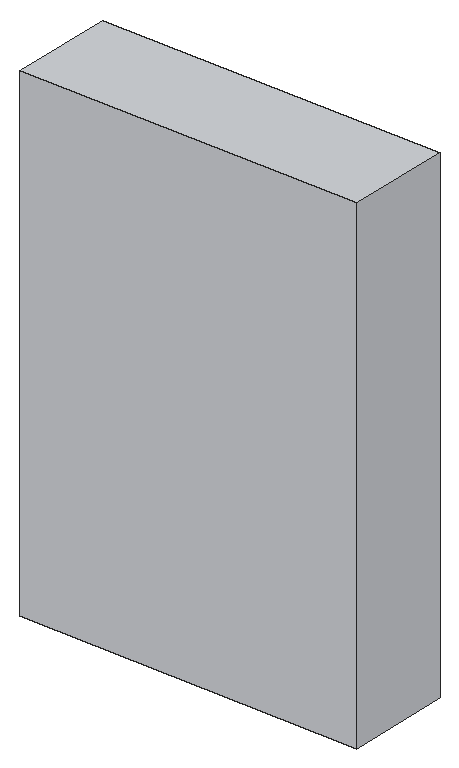
Revit family "Lighting_Fixture-Wall-Astro-7161_Karlaxxxxx", category Lighting Fixtures, host Face, Revit 2014
Parameters (values of type "7161 Karla")
  Width = 50.00 mm
  Weight = "0.97kg"
  Wattage Comments = "3.5w"
  Wattage = 9.2903 W
  built-in parameter 1150110 = 1 (stored number, unit not read)
  Voltage = 230 V
  URL = "www.astrolighting.co.uk"
  Type Comments = "Includes integral LED driver"
  built-in parameter 1114217 = 1 (stored number, unit not read)
  Tilt Angle = 90.00°
  built-in parameter 1150109 = 1 (stored number, unit not read)
  built-in parameter 1150134 = 3
  built-in parameter 1150113 = 1 (stored number, unit not read)
  Suitable for bathroom zone = "Zones 2 and 3"
  Product Documentation = "http://www.astrolighting.co.uk/products/kw/7161/7161_Karla"
  Photometric Web File = "KARLA.ies"
  Number of Poles = 1
  Mountable on normally flammable surfaces = "Yes"
  Model = "7161 Karla"
  Manufacturer = "Astro Lighting Ltd, CM20 2DP"
  built-in parameter 1150105 = 109.82 (stored number, unit not read)
  Lumens = 1380 lm
  Luminaire Lamp Efficiency Rating = ""
  built-in parameter 1150115 = 1 (stored number, unit not read)
  Light Source From Wall = 65.00 mm
  built-in parameter 1150137 = (empty or 0)
  built-in parameter 1150139 = (empty or 0)
  Length = 90.00 mm
  Lamp included = "Yes"
  built-in parameter 1150112 = 1 (stored number, unit not read)
  built-in parameter 1150114 = 1 (stored number, unit not read)
  Lamp = "LED"
  built-in parameter 1150132 = (empty or 0)
  built-in parameter 1150102 = (empty or 0)
  built-in parameter 1150107 = 3200 (stored number, unit not read)
  built-in parameter 1150138 = (empty or 0)
  built-in parameter 1150106 = 1.0982 (stored number, unit not read)
  IP Rating = "IP44"
  Height = 329.00 mm
  Energy Efficiency Rating = ""
  Emit from Rectangle Width = 313.50 mm
  Emit from Rectangle Length = 48.00 mm
  Emit Shape Visible in Rendering = no
  built-in parameter 1150104 = 13.8 (stored number, unit not read)
  Dimming Lamp Color Temperature Shift = <None>
  Dimmable = "No"
  Description = "Wall Light"
  Default Elevation [instance] = 1700.00 mm
  Color Filter = 16777215
  Class = 2
  Casing Material = Astro - Aluminium - Chrome Finish
  Manufacturer Contact = "01279 427001"
  built-in parameter 1114218 = 1 (stored number, unit not read)
  built-in parameter 1150133 = 10 (stored number, unit not read)
  Assembly Code = "D5020200"
  Apparent Load = 4.19 VA
Reference planes
  plane 1: y = -75
  plane 2 "Light Source Axis (L/R)": x = 125
  plane 3 "Light Source Axis (F/R)": y = 65
  plane 4 "Light Source Elevation": z = 1600
  plane 5: y = -150
  plane 6 "Center (Elevation)": z = 1600
  plane 7: z = 0
  plane 8 "Top": z = 1764.5
  plane 9 "Bottom": z = 1435.5
  plane 10 "Left": x = 150
  plane 11 "Right": x = 100
  plane 12 "Front": y = 90
  plane 13: y = 0
Forms (mm)
  Extrusion 1, solid
    sketch origin (140, -150, 1500) x (0, 0, 1) y (1, 0, 0)
      loop
        line (-249.967, -260.342) -> (460, -260.342) -> (460, 230) -> (-249.967, 230) -> (-249.967, -260.342)
    from 0 to 150
  Extrusion 2, solid, material "Astro - Aluminium - Chrome Finish" <- "Casing Material"
    sketch origin (980.916, 225, 1435.5) x (1, 0, 0) y (0, 1, 0)
      loop
        arc (-870.916, -145) -> (-871.623, -145.293) -> (-871.916, -146) r 1
        line (-871.916, -146) -> (-871.916, -225) -> (-839.916, -225) -> (-839.916, -146)
        arc (-839.916, -146) -> (-840.209, -145.293) -> (-840.916, -145) r 1
        line (-840.916, -145) -> (-870.916, -145)
    from 0 to 5
  Extrusion 3, solid, material "Astro - Aluminium - Chrome Finish" <- "Casing Material"
    sketch origin (980.916, 225, 1435.5) x (1, 0, 0) y (0, 1, 0)
      loop
        arc (-879.916, -135) -> (-880.623, -135.293) -> (-880.916, -136) r 1
        line (-880.916, -136) -> (-880.916, -185) -> (-830.916, -185) -> (-830.916, -136)
        arc (-830.916, -136) -> (-831.209, -135.293) -> (-831.916, -135) r 1
        line (-831.916, -135) -> (-879.916, -135)
    from 10.5 to 5
  Extrusion 4, solid, material "Astro - Aluminium - Chrome Finish" <- "Casing Material"
    sketch origin (919.786, 225, 1764.5) x (1, 0, 0) y (0, 1, 0)
      loop
        arc (-818.786, -135) -> (-819.493, -135.293) -> (-819.786, -136) r 1
        line (-819.786, -136) -> (-819.786, -185) -> (-769.786, -185) -> (-769.786, -136)
        arc (-769.786, -136) -> (-770.079, -135.293) -> (-770.786, -135) r 1
        line (-770.786, -135) -> (-818.786, -135)
    from 0 to -5
  Extrusion 5, solid, material "Astro - Aluminium - Chrome Finish" <- "Casing Material"
    sketch origin (1573.638, 225, 1600) x (1, 0, 0) y (0, 1, 0)
      loop
        line (-1473.638, -185) -> (-1423.638, -185) -> (-1423.638, -179.5) -> (-1473.638, -179.5) -> (-1473.638, -185)
    from -159.5 to 159.5
  Extrusion 6, solid, material "Astro - Aluminium - Chrome Finish" <- "Casing Material"
    sketch origin (980.916, 225, 1435.5) x (1, 0, 0) y (0, 1, 0)
      loop
        line (-871.916, -185) -> (-871.916, -225) -> (-839.916, -225) -> (-839.916, -185) -> (-871.916, -185)
    from 5 to 10.5
  Extrusion 7, solid, material "Astro - Aluminium - Chrome Finish" <- "Casing Material"
    sketch origin (-969.65, 0, 4000) x (-1, 0, 0) y (0, 0, 1)
      loop
        arc (-1108.65, -2406.5) -> (-1110.064, -2407.086) -> (-1110.65, -2408.5) r 2
        line (-1110.65, -2408.5) -> (-1110.65, -2554) -> (-1078.65, -2554) -> (-1078.65, -2408.5)
        arc (-1078.65, -2408.5) -> (-1079.236, -2407.086) -> (-1080.65, -2406.5) r 2
        line (-1080.65, -2406.5) -> (-1108.65, -2406.5)
    from 0 to 40
  Extrusion 8, solid, material "Astro - Polycarbonate - White"
    sketch origin (1573.638, 225, 1600) x (1, 0, 0) y (0, 1, 0)
      loop
        arc (-1472.638, -135) -> (-1473.345, -135.293) -> (-1473.638, -136) r 1
        line (-1473.638, -136) -> (-1473.638, -179.5) -> (-1472.638, -179.5) -> (-1472.638, -136) -> (-1424.638, -136) -> (-1424.638, -179.5) -> (-1423.638, -179.5) -> (-1423.638, -136)
        arc (-1423.638, -136) -> (-1423.931, -135.293) -> (-1424.638, -135) r 1
        line (-1424.638, -135) -> (-1472.638, -135)
    from -154 to 159.5
  Extrusion 9, solid, not visible
    sketch origin (-969.65, 0, 4000) x (-1, 0, 0) y (0, 0, 1)
      loop
        circle (-1094.65, -2482.25) r 5
    from 0 to 1
Cuts and joins
  joined: Extrusion 3, Extrusion 4, Extrusion 5
  joined: Extrusion 2, Extrusion 6
Text (mm)
  text "Placement side" at (-188.295, 174.604, 0), in view "Ref. Level"
  text "Placement side" at (0, 472.67, 2019.652), in view "Left"
  text "Placement side" at (0, 628.478, 3011.967), in view "Right"
Dimensions and locks
  equal spacing: plane 9 "Bottom", plane 6 "Center (Elevation)", plane 8 "Top"
  "Height": plane 9 "Bottom" to plane 8 "Top"
  equal spacing: plane 11 "Right", plane 2 "Light Source Axis (L/R)", plane 10 "Left"
  "Width": plane 11 "Right" to plane 10 "Left"
  locked: plane 1 to plane 13 at 75
  "Length": plane 12 "Front" to plane 13
  "Light Source From Wall": plane 3 "Light Source Axis (F/R)" to plane 13
  Extrusion 2 sketch curve to plane 2 "Light Source Axis (L/R)" to Extrusion 2 sketch curve = 16.00 mm locked, 16.00 mm locked
  locked: Extrusion 2 sketch curve to plane 13 at 80
  locked: Extrusion 3 sketch curve to plane 13 at 40
  plane 9 "Bottom" to Extrusion 3 to Extrusion 3 = 5.00 mm locked, 5.50 mm locked
  locked: Extrusion 5 sketch curve to plane 13 at 45.5
  locked: plane 9 "Bottom" to Extrusion 7 sketch curve at 158
  Extrusion 8 sketch curve to plane 2 "Light Source Axis (L/R)" to Extrusion 8 sketch curve = 24.00 mm locked, 24.00 mm locked
  locked: plane 12 "Front" to Extrusion 8 sketch curve at 1
  locked: cut or joined group of Extrusion 3, Extrusion 4, Extrusion 5 to plane 8 "Top" at 5
  locked: Extrusion 9 sketch curve to plane 6 "Center (Elevation)" at 82.25
  locked: Extrusion 9 to plane 13 at 1
  aligned and locked: plane 13 to Extrusion 2 sketch curve
  aligned and locked: Extrusion 2 to plane 9 "Bottom"
  aligned and locked: Extrusion 3 sketch curve to plane 11 "Right"
  aligned and locked: Extrusion 4 sketch curve to Extrusion 3  (x4)
  aligned and locked: Extrusion 2 to Extrusion 3
  aligned and locked: Extrusion 5 to Extrusion 2
  aligned and locked: plane 13 to Extrusion 6 sketch curve
  aligned and locked: cut or joined group of Extrusion 3, Extrusion 4, Extrusion 5 to Extrusion 6 sketch curve
  aligned and locked: Extrusion 6 sketch curve to Extrusion 2  (x2)
  aligned and locked: Extrusion 6 to Extrusion 2
  aligned and locked: Extrusion 6 to cut or joined group of Extrusion 3, Extrusion 4, Extrusion 5
  aligned and locked: cut or joined group of Extrusion 2, Extrusion 6 to Extrusion 7 sketch curve
  aligned and locked: Extrusion 7 sketch curve to cut or joined group of Extrusion 2, Extrusion 6
  aligned and locked: cut or joined group of Extrusion 3, Extrusion 4, Extrusion 5 to Extrusion 7 sketch curve
  aligned and locked: Extrusion 7 to plane 13
  aligned and locked: Extrusion 7 to cut or joined group of Extrusion 3, Extrusion 4, Extrusion 5
  aligned and locked: Extrusion 8 sketch curve to plane 11 "Right"
  aligned and locked: Extrusion 8 sketch curve to plane 10 "Left"
  aligned and locked: Extrusion 8 sketch curve to cut or joined group of Extrusion 3, Extrusion 4, Extrusion 5  (x2)
  aligned and locked: Extrusion 8 to cut or joined group of Extrusion 3, Extrusion 4, Extrusion 5  (x2)
  aligned and locked: plane 8 "Top" to Extrusion 4
  aligned and locked: plane 4 "Light Source Elevation" to plane 6 "Center (Elevation)"
  aligned and locked: plane 2 "Light Source Axis (L/R)" to Extrusion 9 sketch curve
  aligned and locked: Extrusion 9 to plane 13
  aligned and locked: imposter light to plane 2 "Light Source Axis (L/R)"
  aligned and locked: plane 3 "Light Source Axis (F/R)" to imposter light
  aligned and locked: plane 6 "Center (Elevation)" to imposter light
Automatic sketch dimensions
  Extrusion 1 sketch curve to Extrusion 1 sketch curve = 709.967 mm
  Extrusion 1 sketch curve to Extrusion 1 sketch curve = 490.342 mm
  Extrusion 2 sketch curve to Extrusion 2 sketch curve = 1.00 mm
  plane 10 "Left" to Extrusion 2 sketch curve = 10.00 mm
  Extrusion 3 sketch curve to plane 12 "Front" = 0.00 mm
  Extrusion 3 sketch curve to plane 11 "Right" = 1.00 mm
  Extrusion 3 sketch curve to plane 12 "Front" = 1.00 mm
  Extrusion 3 sketch curve to plane 10 "Left" = 0.00 mm
  Extrusion 5 sketch curve to plane 11 "Right" = 0.00 mm
  Extrusion 5 sketch curve to Extrusion 5 sketch curve = 5.50 mm
  Extrusion 5 sketch curve to plane 10 "Left" = 0.00 mm
  Extrusion 7 sketch curve to Extrusion 7 sketch curve = 2.00 mm  (x2)
  plane 13 to Extrusion 8 sketch curve = 45.50 mm
  Extrusion 8 sketch curve to Extrusion 8 sketch curve = 0.00 mm
  radius of Extrusion 9 sketch curve = 5.00 mm
Connectors
  electrical at (125, 0, 1517.75), driven by "Number of Poles", driven by "Voltage", driven by "Apparent Load"
    settings: on Extrusion 9, index 1, voltage 230 V, apparent load 0 VA, apparent load phase1 4.19 VA, apparent load phase2 0 VA, apparent load phase3 0 VA, power factor 1, load classification "Other", number of poles 1, system type 31, power factor state 1, is connector primary yes, connector utility no, sub classification motor no, connector description ""
